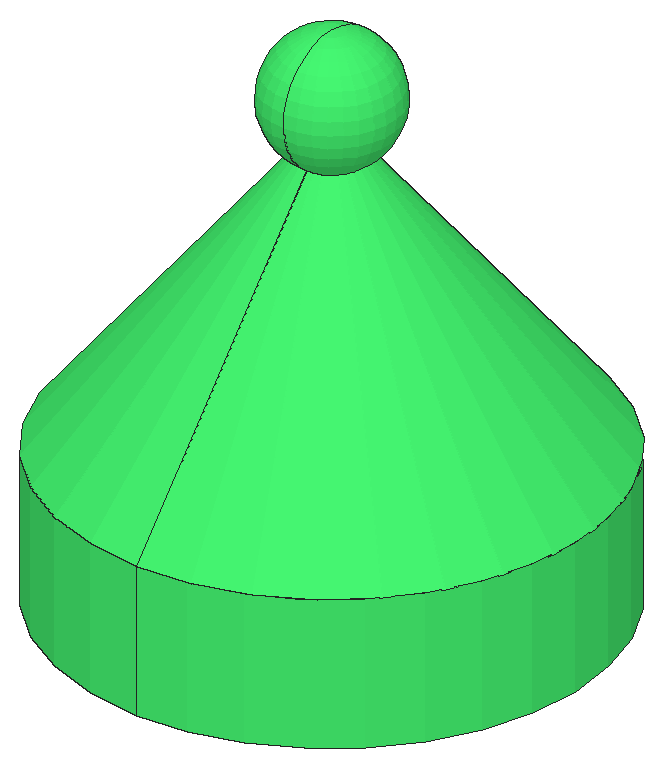
Revit family "b50fa2e971fc47c1ae889d79eb16379a", category Boundary Conditions, Revit 2021
Family settings
  Seek Item ID = Boundary Condition-Pinned-0000-USA-ENU
  Work Plane-Based = No
  Always vertical = Yes
  Cut with Voids When Loaded = No
  Shared = No
Reference planes (in)
  plane 1 "Center (Front/Back)": y = 0
  plane 2: z = 0
  plane 3 "Center (Left/Right)": x = 0
Forms (in)
  Revolve 1, solid, material "Pinned"
    sketch origin (0, 0, 0) x (0, 1, 0) y (0, 0, 1)
      loop
        arc (0.65813, -1.06272) -> (1.20227, 0.34213) -> (0, 1.25) r 1.25
        line (0, 1.25) -> (0, -9.21717) -> (5.03456, -9.21717) -> (5.03456, -6.46717) -> (0.65813, -1.06272)
      axis (0, -9.21717) -> (0, 1.25)
    angle from 0 to 360
